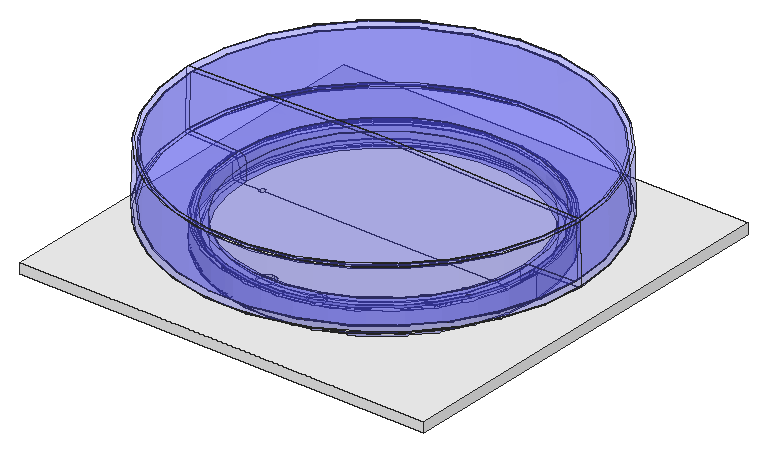
Revit family "BE_67719_de_DE", category Leuchten, Revit 2020
Family settings
  Basisbauteil = Fläche
  Bemaßung runder Anschluss = Durchmesser verwenden
  Teiletyp = Normal
  Beim Laden mit Abzugskörper schneiden = Ja
  Lichtquelle = Ja
  Gemeinsam genutzt = Nein
  Raumberechnungspunkt = Ja
Parameters (values of type "BEGA_67719_K4")
  built-in parameter 1150104 = 11.446 (stored number, unit not read)
  Wattage = 25.9 W
  Default Elevation = 0 mm
  built-in parameter 1150113 = 1 (stored number, unit not read)
  built-in parameter 1114218 = 1 (stored number, unit not read)
  Umgebungstemperatur = "25 °C"
  URL = "https://www.bega.com/de/produkt/67719"
  Typenkommentare = "© 2022 BEGA. Wir behalten uns das Recht vor, technische Änderungen ohne vorherige Ankündigung vorzunehmen."  # constant formula
  built-in parameter 1150134 = 12
  built-in parameter 1150109 = 1 (stored number, unit not read)
  Strom = ""
  built-in parameter 1150110 = 1 (stored number, unit not read)
  Spannung = 239.996 V
  Sonderanfertigung = no
  Seriennummer [instance] = "Hier können Sie die eindeutige Seriennummer für das Facility Management eintragen."
  Schutzklasse = "I"
  Schutzart = "IP 44"
  Scheinlast = 0 VA
  Produktdatenblatt = "https://cdn.bega.com/bega/products/67719K4/current/documents/data-sheets/de"
  Oberflächentemperatur = ""
  Neigungswinkel = 0.00°
  Modell = "67719K4"
  Material_17 = BEGA_Reflektor
  Material_15 = BEGA_Leuchtmedium_matt
  Material_11 = BEGA_Glas_opal
  Material_09 = BEGA_Glas_klar
  Material_06 = BEGA_Oberfläche_Edelstahl_gebürstet
  Material_05 = BEGA_Oberfläche_Aluminium Guss
  Material_03 = BEGA_Oberfläche_Weiss_matt
  Material_02 = BEGA_Oberfläche_Silber_matt
  Material_01 [instance] = BEGA_Oberfläche_Grafit_matt
  M_W = no
  M_G = no
  M_A = no
  Logo = 0
  built-in parameter 1114217 = 1 (stored number, unit not read)
  built-in parameter 1150139 = (empty or 0)
  built-in parameter 1150105 = 812.25 (stored number, unit not read)
  built-in parameter 1150114 = 1 (stored number, unit not read)
  Lumens = 3190.88 lm
  built-in parameter 1150115 = 1 (stored number, unit not read)
  Leuchtenlichtstrom = "2575 lm"
  Leuchtenanzahl = ""
  Lebensdauerkriterien = "L70B50 @ 25 °C = 119000 h"
  Lastklassifizierung = Beleuchtung
  built-in parameter 1150112 = 1 (stored number, unit not read)
  Lampenlichtstrom = "3760 lm"
  Lampe = "LED 25.3 W"
  LED_Modulbezeichnung = "LED-0570/940"
  built-in parameter 1150142 = (empty or 0)
  Hersteller = "BEGA"  # constant formula
  Halbstreuwinkel = ""
  Gewicht = "6.2 kg"
  Gebrauchslageneinschränkung [instance] = ""
  Frequenz = "0/50-60 Hz"
  Farbwiedergabeindex = "CRI > 90"
  Farbtemperaturverschiebung bei Dämpfen der Lampe = <Keine Auswahl>
  Farbtemperatur = "4000 K"
  Color Filter = 16777215
  built-in parameter 1150133 = 10 (stored number, unit not read)
  Energieeffizienzklasse = "LED A++ - A"
  built-in parameter 1150137 = (empty or 0)
  built-in parameter 1150132 = (empty or 0)
  ENEC = "ja"
  Dimmbar [instance] = "DALI"
  Datei für fotometrisches Netz = "BE_67719K4.IES"
  CE_Konformität = "ja"
  Bestellnummer = "67719K4"
  Beschreibung_Sonderanfertigung = "Hier können Sie Informationen zur Sonderanfertigung eintragen."
  Beschreibung = "Wandleuchte"
  built-in parameter 1150106 = 8.1225 (stored number, unit not read)
  Befestigungsbohrung = "Ø 5,5 mm"
  Befestigungsabstand = "240 mm"
  Ballwurfsicher = ""
  BEGA_Intern_aus = yes
  BEGA_Intern_an = yes
  BEGA_Intern_Konstruktion = yes
  BEGA_Intern = yes
  BEGA_IES = yes
  BEGA_Dummy = no
  Anschlussleitung = ""
  Anschlussleistung [instance] = "28.8 W"
  Anschlusskasten = ""
  built-in parameter 1150107 = 4000 (stored number, unit not read)
  built-in parameter 1150102 = (empty or 0)
  built-in parameter 1150138 = (empty or 0)
  Aktualisierung = "2022-05-19T04:00:07"
  Abstand_zur_angestrahlten_Fläche [instance] = ""
  AC/DC = "AC/DC"
Types (2, lengths in mm): name | built-in parameter 1150104 | built-in parameter 1150134 | Modell | built-in parameter 1150105 | Lumens | Leuchtenlichtstrom | Lampenlichtstrom | LED_Modulbezeichnung | Farbtemperatur | Datei für fotometrisches Netz | Bestellnummer | built-in parameter 1150106 | built-in parameter 1150107
  BEGA_67719_K3 | 11.046 (stored number, unit not read) | (empty or 0) | "67719K3" | 783.89 (stored number, unit not read) | 3079.51 lm | "2477 lm" | "3615 lm" | "LED-0570/930" | "3000 K" | "BE_67719K3.IES" | "67719K3" | 7.8389 (stored number, unit not read) | 3000 (stored number, unit not read)
  BEGA_67719_K4 | 11.446 (stored number, unit not read) | 12 | "67719K4" | 812.25 (stored number, unit not read) | 3190.88 lm | "2575 lm" | "3760 lm" | "LED-0570/940" | "4000 K" | "BE_67719K4.IES" | "67719K4" | 8.1225 (stored number, unit not read) | 4000 (stored number, unit not read)
Reference planes
  plane 1 "Mitte (Vorne/Hinten)": y = 0
  plane 2: z = 0
  plane 3 "Mitte (Links/Rechts)": x = 0
  plane 4 "Links": x = -195.948
  plane 5 "Rechts": x = 195.948
  plane 6 "Unten": y = -195.948
  plane 7 "Oben": y = 195.948
  plane 8 "Vorne": z = 94.213
  plane 9 "Hinten": z = 0
Forms (mm)
  Extrusion 1, solid, material "BEGA_Platte_Weiss"
    sketch origin (0, -1119.2, 0) x (1, 0, 0) y (0, 1, 0)
      loop
        line (-200, 1319.2) -> (-200, 919.2) -> (200, 919.2) -> (200, 1319.2) -> (-200, 1319.2)
    from 0 to -10
  Extrusion 2, solid, material "BEGA_Dummy_matt", visible <- "BEGA_Dummy"
    sketch origin (77.149, -76.023, 0) x (1, 0, 0) y (0, 1, 0)
      loop
        circle (-77.149, 76.023) r 195.948
    from 0 to 94.213
Dimensions and locks
  plane 1 "Mitte (Vorne/Hinten)" to Extrusion 1 = 200 mm
  aligned and locked: plane 2 to Extrusion 1
  aligned and locked: level to Extrusion 1
Nested families
  nested 1: "BE_67719" at (0, 0, 0), type "BE_67719"
Connectors
  electrical at (0, 0, 0), driven by "Lastklassifizierung", driven by "Spannung", driven by "Scheinlast"
    settings: index 1, voltage 239.996 V, apparent load 0 VA, apparent load phase1 0 VA, apparent load phase2 0 VA, apparent load phase3 0 VA, power factor 1, load classification "Beleuchtung", number of poles 1, system type 31, power factor state 1, is connector primary yes, connector utility no, sub classification motor no, connector description ""
Definition of nested family "BE_67719"
  Parameters (values of type "BE_67719")
    Default Elevation = 1 mm
    URL = "http://www.bega.de/de/produkt"
    Type Comments = "© 2015 BEGA. Wir behalten uns das Recht vor, technische Änderungen ohne vorherige Ankündigung vorzunehmen. "  # constant formula
    Type Image = (empty or 0)
    Neigungswinkel_um_Z2 = 0.00°
    Neigungswinkel_um_Z1 = 0.00°
    Neigungswinkel_um_Y2 = 0.00°
    Neigungswinkel_um_Y1 = 0.00°
    Neigungswinkel_um_X2 = 0.00°
    Neigungswinkel_um_X1 = 0.00°
    Material_17 = none
    Material_15 = none
    Material_11 = none
    Material_09 = none
    Material_06 = none
    Material_05 = none
    Material_03 = none
    Material_02 = none
    Material_01 = none
    M_W = yes
    M_G = yes
    M_A = yes
    Länge_Platte = 500 mm  # constant formula
    Höhe_Platte = -10 mm  # constant formula
    Manufacturer = "BEGA"  # constant formula
    Drehwinkel_um_Z2 = 0.00°
    Drehwinkel_um_Z1 = 0.00°
    Breite_Platte = 500 mm  # constant formula
  Reference planes
    plane 1 "Mitte (Oben/Unten)": y = 0
    plane 2: z = 0
    plane 3 "Mitte (Links/Rechts)": x = 0
    plane 4: x = -195.948
    plane 5: z = 94.213
    plane 6: x = 195.948
    plane 7: y = -195.948
    plane 8: y = 195.948
  Forms (mm)
    Extrusion 1, solid, detail levels medium
      sketch origin (0, 0, 0) x (1, 0, 0) y (0, 1, 0)
        loop
          line (-250, 250) -> (-250, -250) -> (250, -250) -> (250, 250) -> (-250, 250)
      from 0 to -10 <- "Höhe_Platte"
    Revolve 2, solid, material <- "Material_03", detail levels medium+fine
      sketch origin (0, 0, 0) x (1, 0, 0) y (0, 0, 1)
        loop
          line (0, 4) -> (-149.15, 4)
          arc (-149.15, 4) -> (-149.857, 4.293) -> (-150.15, 5) r 1
          line (-150.15, 5) -> (-150.15, 25.012) -> (-147.349, 22.211) -> (-146.5, 23.059) -> (-149.043, 25.602)
          arc (-149.043, 25.602) -> (-149.482, 25.897) -> (-150, 26) r 1.35
          arc (-150, 26) -> (-150.952, 25.607) -> (-151.35, 24.658) r 1.35
          line (-151.35, 24.658) -> (-151.35, 4)
          arc (-151.35, 4) -> (-150.764, 2.586) -> (-149.35, 2) r 2
          line (-149.35, 2) -> (0, 2) -> (0, 4)
        axis (0, 2) -> (0, 26)
      angle from 0 to 360
    Revolve 3, solid, material <- "Material_03", detail levels medium+fine
      sketch origin (-14.142, 14.142, 0) x (-0.707107, 0.707107, 0) y (0, 0, 1)
        loop
          arc (113.481, 2.548) -> (115.961, 0.668) -> (119, 0) r 7.25
          line (119, 0) -> (119, 2.548) -> (113.481, 2.548)
        axis (119, 0) -> (119, 2.548)
      angle from 0 to 360
    Extrusion 4, void
      sketch origin (0, 0, 0) x (1, 0, 0) y (0, 1, 0)
        loop
          circle (-30, -107.5) r 8.5
        loop
          circle (20, -107.5) r 8.5
        loop
          circle (-120, 0) r 2.75
        loop
          circle (120, 0) r 2.75
      from 0 to 6.5
    Revolve 5, solid, material <- "Material_11", detail levels medium+fine
      sketch origin (0, 0, 0) x (1, 0, 0) y (0, 0, 1)
        loop
          arc (0, 94.212) -> (-96.311, 92.986) -> (-192.559, 89.308) r 3782.243
          arc (-192.559, 89.308) -> (-193.888, 88.707) -> (-194.464, 87.363) r 2
          line (-194.464, 87.363) -> (-195.948, 30.687)
          arc (-195.948, 30.687) -> (-195.402, 29.268) -> (-194.016, 28.644) r 2
          line (-194.016, 28.644) -> (-146.945, 27)
          arc (-146.945, 27) -> (-146.089, 26.693) -> (-145.568, 25.947) r 1.5
          line (-145.568, 25.947) -> (-141.5, 12.873) -> (-141.5, 7) -> (-135.5, 7) -> (-135.5, 22.883)
          arc (-135.5, 22.883) -> (-137.745, 28.434) -> (-143.215, 30.872) r 8
          line (-143.215, 30.872) -> (-189.913, 32.503)
          arc (-189.913, 32.503) -> (-191.305, 33.133) -> (-191.845, 34.562) r 2
          line (-191.845, 34.562) -> (-190.552, 83.672)
          arc (-190.552, 83.672) -> (-189.984, 85.017) -> (-188.653, 85.617) r 2
          arc (-188.653, 85.617) -> (-94.356, 89.151) -> (0, 90.329) r 3778.36
          line (0, 90.329) -> (0, 94.212)
        axis (0, 94.212) -> (0, 7)
      angle from 0 to 360
    Revolve 6, solid, material <- "Material_03", detail levels medium+fine
      sketch origin (14.142, 14.142, 0) x (0.707107, 0.707107, 0) y (0, 0, 1)
        loop
          arc (113.481, 2.548) -> (115.961, 0.668) -> (119, 0) r 7.25
          line (119, 0) -> (119, 2.548) -> (113.481, 2.548)
        axis (119, 0) -> (119, 2.548)
      angle from 0 to 360
    Revolve 7, solid, material <- "Material_03", detail levels medium+fine
      sketch origin (-14.142, -14.142, 0) x (-0.707107, -0.707107, 0) y (0, 0, 1)
        loop
          arc (113.481, 2.548) -> (115.961, 0.668) -> (119, 0) r 7.25
          line (119, 0) -> (119, 2.548) -> (113.481, 2.548)
        axis (119, 0) -> (119, 2.548)
      angle from 0 to 360
    Revolve 8, solid, material <- "Material_03", detail levels medium+fine
      sketch origin (14.142, -14.142, 0) x (0.707107, -0.707107, 0) y (0, 0, 1)
        loop
          arc (113.481, 2.548) -> (115.961, 0.668) -> (119, 0) r 7.25
          line (119, 0) -> (119, 2.548) -> (113.481, 2.548)
        axis (119, 0) -> (119, 2.548)
      angle from 0 to 360
  Cuts and joins
    Extrusion 4 cuts Revolve 2
    Extrusion 4 cuts Revolve 3
    joined: Revolve 2, Revolve 3, Revolve 6, Revolve 7, Revolve 8
  Dimensions and locks
    equal spacing: Extrusion 1 sketch curve, plane 3 "Mitte (Links/Rechts)", Extrusion 1 sketch curve
    equal spacing: Extrusion 1 sketch curve, plane 1 "Mitte (Oben/Unten)", Extrusion 1 sketch curve
    "Länge_Platte": Extrusion 1 sketch curve to Extrusion 1 sketch curve
    "Breite_Platte": Extrusion 1 sketch curve to Extrusion 1 sketch curve
    aligned and locked: Extrusion 1 to plane 2
    aligned and locked: level to Extrusion 1
  Automatic sketch dimensions
    Extrusion 4 sketch curve to plane 3 "Mitte (Links/Rechts)" = 30 mm
    plane 3 "Mitte (Links/Rechts)" to Extrusion 4 sketch curve = 20 mm
    plane 1 "Mitte (Oben/Unten)" to Extrusion 4 sketch curve = 107.5 mm
    Extrusion 4 sketch curve to Extrusion 4 sketch curve = 0 mm
    Revolve 2 sketch curve to Revolve 2 sketch curve = 0 mm  (x9)
    Revolve 2 sketch curve to plane 3 "Mitte (Links/Rechts)" = 0 mm  (x2)
    Revolve 2 sketch curve to Revolve 2 sketch curve = 0.849 mm  (x2)
    Revolve 2 sketch curve to Revolve 2 sketch curve = 2.543 mm
    level to Revolve 2 sketch curve = 4 mm
    Revolve 2 sketch curve to Revolve 2 sketch curve = 1.801 mm
    Revolve 2 sketch curve to Revolve 2 sketch curve = 0.2 mm
    Revolve 2 sketch curve to Revolve 2 sketch curve = 0.957 mm
    Revolve 2 sketch curve to Revolve 2 sketch curve = 1 mm  (x2)
    Revolve 2 sketch curve to Revolve 2 sketch curve = 1.2 mm
    level to Revolve 2 sketch curve = 2 mm
    Revolve 2 sketch curve to Revolve 2 sketch curve = 17.211 mm
    Revolve 2 sketch curve to Revolve 2 sketch curve = 2.439 mm
    Revolve 2 sketch curve to Revolve 2 sketch curve = 0.008 mm
    Revolve 2 sketch curve to Revolve 2 sketch curve = 0.362 mm
    Revolve 2 sketch curve to Revolve 2 sketch curve = 0.398 mm
    Revolve 2 sketch curve to Revolve 2 sketch curve = 0.15 mm
    Revolve 2 sketch curve to Revolve 2 sketch curve = 0.837 mm
    Revolve 2 sketch curve to Revolve 2 sketch curve = 6.249 mm
    Revolve 3 sketch curve to Revolve 3 sketch curve = 5.519 mm
    Revolve 3 sketch curve to Revolve 3 sketch curve = 0 mm  (x3)
    Revolve 3 sketch curve to Revolve 3 sketch curve = 0.712 mm
    Revolve 3 sketch curve to Revolve 3 sketch curve = 2.548 mm
    Revolve 6 sketch curve to Revolve 6 sketch curve = 5.519 mm
    Revolve 6 sketch curve to Revolve 6 sketch curve = 0 mm  (x3)
    Revolve 6 sketch curve to Revolve 6 sketch curve = 0.712 mm
    Revolve 6 sketch curve to Revolve 6 sketch curve = 2.548 mm
    Revolve 7 sketch curve to Revolve 7 sketch curve = 5.519 mm
    Revolve 7 sketch curve to Revolve 7 sketch curve = 0 mm  (x3)
    Revolve 7 sketch curve to Revolve 7 sketch curve = 0.712 mm
    Revolve 7 sketch curve to Revolve 7 sketch curve = 2.548 mm
    Revolve 8 sketch curve to Revolve 8 sketch curve = 5.519 mm
    Revolve 8 sketch curve to Revolve 8 sketch curve = 0 mm  (x3)
    Revolve 8 sketch curve to Revolve 8 sketch curve = 0.712 mm
    Revolve 8 sketch curve to Revolve 8 sketch curve = 2.548 mm
    level to Revolve 3 sketch curve = 2.548 mm
    level to Revolve 6 sketch curve = 2.548 mm
    level to Revolve 7 sketch curve = 2.548 mm
    level to Revolve 8 sketch curve = 2.548 mm
    Revolve 5 sketch curve to plane 3 "Mitte (Links/Rechts)" = 0 mm  (x2)
    Revolve 5 sketch curve to plane 3 "Mitte (Links/Rechts)" = 0.007 mm
    Revolve 5 sketch curve to Revolve 5 sketch curve = 0.001 mm
    level to Revolve 5 sketch curve = 7 mm
    Revolve 5 sketch curve to Revolve 5 sketch curve = 6 mm
    Revolve 5 sketch curve to Revolve 5 sketch curve = 7.715 mm
    Revolve 5 sketch curve to Revolve 5 sketch curve = 8 mm
    Revolve 5 sketch curve to Revolve 5 sketch curve = 3.445 mm
    Revolve 5 sketch curve to Revolve 5 sketch curve = 0.055 mm
    Revolve 5 sketch curve to Revolve 5 sketch curve = 0.067 mm  (x2)
    Revolve 5 sketch curve to Revolve 5 sketch curve = 1.999 mm  (x4)
    Revolve 5 sketch curve to Revolve 5 sketch curve = 3.904 mm
    Revolve 5 sketch curve to Revolve 5 sketch curve = 4.035 mm
    Revolve 5 sketch curve to Revolve 5 sketch curve = 2 mm
    Revolve 5 sketch curve to level = 3688.03 mm
    Revolve 5 sketch curve to Revolve 5 sketch curve = 0 mm  (x5)
    Revolve 5 sketch curve to Revolve 5 sketch curve = 5.873 mm
    Revolve 5 sketch curve to Revolve 5 sketch curve = 10.004 mm
    Revolve 5 sketch curve to Revolve 5 sketch curve = 0.006 mm
    Revolve 5 sketch curve to Revolve 5 sketch curve = 2.624 mm
    level to Revolve 5 sketch curve = 28.644 mm
    Revolve 5 sketch curve to Revolve 5 sketch curve = 1.86 mm
    Revolve 5 sketch curve to Revolve 5 sketch curve = 3.883 mm
    Revolve 5 sketch curve to Revolve 5 sketch curve = 1.432 mm
    Revolve 5 sketch curve to Revolve 5 sketch curve = 0.007 mm
    Revolve 5 sketch curve to Revolve 5 sketch curve = 0.008 mm
    Revolve 5 sketch curve to Revolve 5 sketch curve = 0.446 mm
    Revolve 2 sketch curve to plane 3 "Mitte (Links/Rechts)" = 146.5 mm
    Revolve 5 sketch curve to plane 3 "Mitte (Links/Rechts)" = 135.5 mm
    Revolve 5 sketch curve to Revolve 5 sketch curve = 45.338 mm
    Revolve 5 sketch curve to Revolve 5 sketch curve = 42.901 mm
    Revolve 5 sketch curve to Revolve 5 sketch curve = 49.118 mm
    Revolve 5 sketch curve to Revolve 5 sketch curve = 3.691 mm
    level to Revolve 5 sketch curve = 90.329 mm
    level to Revolve 5 sketch curve = 87.363 mm
    Revolve 5 sketch curve to Revolve 5 sketch curve = 2.007 mm
    Revolve 5 sketch curve to Revolve 5 sketch curve = 19.676 mm
    radius of Extrusion 4 sketch curve = 8.5 mm  (x2)
